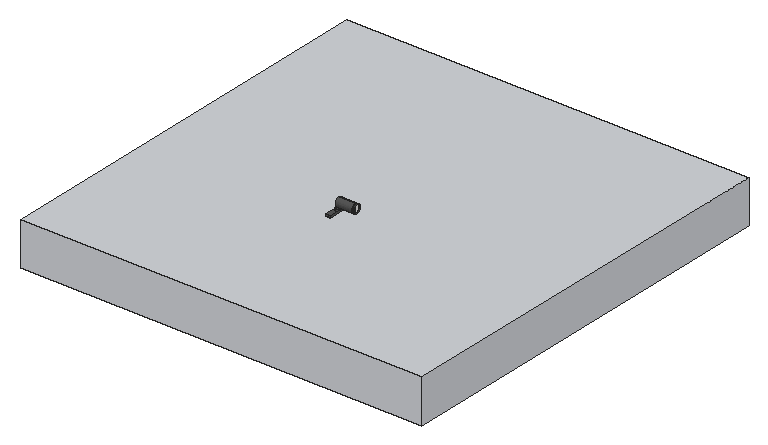
Revit family "Thorn TONIC XS", category Lighting Fixtures, host Face, Revit 2018
Family settings
  Host = Face
  Round Connector Dimension = Use Diameter
  Part Type = Normal
  OmniClass Number = 23.80.70.11
  OmniClass Title = Luminaries for Internal Lighting
  Cut with Voids When Loaded = No
  Light Source = No
  Shared = No
  Room Calculation Point = No
Parameters (values of type "TONIC XS 1700 940  3GU FL BK")
  Wattage Comments = ""
  Voltage = 230 V
  URL = "www.thornlighting.com//96638005"
  Type Comments = "© Thorn. We reserve the right to make technical changes without prior notice."  # constant formula
  Reflector = ZG_SI_Opaque
  Model = "96638005"
  Rotation [instance] = 0.00°
  Angle Value [instance] = -Angle  # 0.00°
  Angle [instance] = 0.00°
  Manufacturer = "Thorn Lighting"  # constant formula
  Length = 125 mm  # constant formula
  Lamp = "LED"
  Height = 55 mm  # constant formula
  Description = "LED spot luminaires"  # constant formula
  Default Elevation = 0 mm
  Body = ZG_Metal_Black
  Assembly Code = "D5020200"
  Apparent Load = 14.3 VA
Reference planes
  plane 1 "Center (Front/Back)": y = 0
  plane 2 "Top": z = 0
  plane 3 "Center (Left/Right)": x = 399.5
  plane 4: y = 84
  plane 5: x = 383.5
  plane 6: x = 415.5
  plane 7: y = -84
  plane 8: z = 12.5
  plane 9: z = 17.5
  plane 10: z = 91
Forms (mm)
  Extrusion 1, solid
    sketch origin (116.179, 575, 0) x (1, 0, 0) y (0, 1, 0)
      loop
        line (-1016.679, 1125) -> (-1016.679, -1737.29) -> (1803.321, -1737.29) -> (1803.321, 1125) -> (-1016.679, 1125)
    from 0 to -304.8
  Extrusion 2, solid, material "ZG_Metal_Black" <- "Body"
    sketch origin (0, 0, 0) x (1, 0, 0) y (0, 1, 0)
      loop
        line (383.5, -84) -> (415.5, -84) -> (415.5, 84) -> (383.5, 84) -> (383.5, -84)
    from 0 to 12.5
  Extrusion 3, solid, material "ZG_Metal_Black" <- "Body"
    sketch origin (0, 0, 0) x (1, 0, 0) y (0, 1, 0)
      loop
        line (392, -84) -> (407, -84) -> (407, 84) -> (392, 84) -> (392, -84)
    from 0 to -31
  Revolve 4, solid, material "ZG_Metal_Black" <- "Body"
    sketch origin (399.5, 0, 0) x (1, 0, 0) y (0, 0, 1)
      loop
        line (17, 12.5) -> (17, 17.5) -> (0, 17.5) -> (0, 12.5) -> (17, 12.5)
      axis (0, 12.5) -> (0, 17.5)
    angle from 0 to 360
  Extrusion 5, solid, material "ZG_Metal_Black" <- "Body"
    sketch origin (0, 0, 0) x (1, 0, 0) y (0, 1, 0)
      loop
        circle (399.5, 0) r 6
    from 17.5 to 47.5
Lines and regions (mm)
  reference lines
    curve 1: line (399.5, 0, 0) -> (604.5, 0, 0)
Dimensions and locks
  plane 10 to Extrusion 3 = 122 mm
  "Rotation": angle plane 1 "Center (Front/Back)" to curve 1
  aligned and locked: Extrusion 1 to plane 2 "Top"
  aligned and locked: Extrusion 1 to level
  aligned and locked: plane 1 "Center (Front/Back)" to curve 1
  aligned and locked: plane 3 "Center (Left/Right)" to curve 1
Automatic sketch dimensions
  Extrusion 1 sketch curve to Extrusion 1 sketch curve = 2820 mm
  Extrusion 1 sketch curve to Extrusion 1 sketch curve = 2862.29 mm
  Extrusion 2 sketch curve to plane 4 = 0 mm
  Extrusion 2 sketch curve to plane 5 = 0 mm
  Extrusion 2 sketch curve to plane 6 = 0 mm
  plane 5 to Extrusion 3 sketch curve = 8.5 mm
  Extrusion 3 sketch curve to plane 6 = 8.5 mm
  Extrusion 3 sketch curve to plane 1 "Center (Front/Back)" = 84 mm
  plane 1 "Center (Front/Back)" to Extrusion 3 sketch curve = 84 mm
  plane 7 to Extrusion 2 sketch curve = 0 mm
  Revolve 4 sketch curve to curve 1 = 0 mm  (x2)
  Revolve 4 sketch curve to curve 1 = 12.5 mm
  curve 1 to Revolve 4 sketch curve = 17.5 mm
  curve 1 to Revolve 4 sketch curve = 32 mm
  curve 1 to Revolve 4 sketch curve = 57 mm
  Revolve 4 sketch curve to Revolve 4 sketch curve = 17 mm
  plane 1 "Center (Front/Back)" to Extrusion 5 sketch curve = 0 mm
  Extrusion 5 sketch curve to plane 3 "Center (Left/Right)" = 0 mm
  radius of Extrusion 5 sketch curve = 6 mm
Nested families
  nested 1: "Thorn TONIC XS Body" at (605.5, -155, 49.5) x (1, 0, 0) z (0, 0, -1), Angle <- "Angle Value", type "TONIC XS 1700 940  3GU FL BK"
    with Angle 0.00°
Connectors
  electrical at (399.5, 0, -31), driven by "Apparent Load", driven by "Voltage"
    settings: on Extrusion 3, index 1, voltage 230 V, apparent load 0 VA, apparent load phase1 14.3 VA, apparent load phase2 0 VA, apparent load phase3 0 VA, power factor 1, load classification "Lighting", number of poles 1, system type 30, power factor state 1, is connector primary yes, connector utility no, sub classification motor no, connector description "Power"
Definition of nested family "Thorn TONIC XS Body"
  Parameters (values of type "TONIC XS 1700 940  3GU FL BK")
    Wattage = 10.7646 W
    built-in parameter 1150110 = 1 (stored number, unit not read)
    Voltage = 230 V
    URL = ""
    Type Comments = ""
    built-in parameter 1114217 = 1 (stored number, unit not read)
    Tilt Angle = 0.00°
    built-in parameter 1150109 = 1 (stored number, unit not read)
    built-in parameter 1150134 = 12
    built-in parameter 1150113 = 1 (stored number, unit not read)
    Photometric Web File = "96638005 TONIC XS.IES"
    Model = ""
    Manufacturer = ""
    built-in parameter 1150105 = 5807.6 (stored number, unit not read)
    Lumens = 1599 lm
    built-in parameter 1150115 = 1 (stored number, unit not read)
    built-in parameter 1150137 = (empty or 0)
    built-in parameter 1150139 = (empty or 0)
    built-in parameter 1150112 = 1 (stored number, unit not read)
    built-in parameter 1150114 = 1 (stored number, unit not read)
    Lamp = "LED"
    built-in parameter 1150132 = 2
    built-in parameter 1150102 = (empty or 0)
    built-in parameter 1150107 = 4000 (stored number, unit not read)
    built-in parameter 1150138 = (empty or 0)
    built-in parameter 1150106 = 58.076 (stored number, unit not read)
    built-in parameter 1150104 = 13.8 (stored number, unit not read)
    Dimming Lamp Color Temperature Shift = (empty or 0)
    Description = ""
    Default Elevation = 0 mm
    Cover = none
    Color Filter = 16777215
    Body = none
    built-in parameter 1114218 = 1 (stored number, unit not read)
    built-in parameter 1150133 = 10 (stored number, unit not read)
    Assembly Code = "D5020210"
    Apparent Load = 14.3 VA
    Angle [instance] = 0.00°
  Reference planes
    plane 1: z = 0
    plane 2 "Center (Front/Back)": y = -155
    plane 3 "Center (Left/Right)": x = -200
  Forms (mm)
    Revolve 1, solid, material <- "Body"
      sketch origin (-200, -155, 7.5) x (1, 0, 0) y (0, 0, 1)
        loop
          line (0, -19.5) -> (115, -19.5) -> (115, 8) -> (125, 8) -> (125, 10) -> (0, 10) -> (0, -19.5)
        axis (0, -19.5) -> (125, -19.5)
      angle from 0 to 360
  Lines and regions (mm)
    reference lines
      curve 1: line (-200, -155, 0) -> (1040, -155, 0)
      curve 2: line (-85, -155, -12) -> (-85, -155, 50)
      curve 3: line (-200, -155, -12) -> (-85, -155, -12)
  Dimensions and locks
    "Angle": angle plane 1 to curve 1
    aligned and locked: plane 3 "Center (Left/Right)" to curve 1
    aligned and locked: plane 1 to curve 1
    aligned and locked: imposter light to curve 2  (x2)
  Automatic sketch dimensions
    curve 1 to Revolve 1 sketch curve = 12 mm  (x2)
    Revolve 1 sketch curve to curve 1 = 0 mm  (x2)
    curve 1 to Revolve 1 sketch curve = 17.5 mm
    curve 1 to Revolve 1 sketch curve = 115 mm
    Revolve 1 sketch curve to Revolve 1 sketch curve = 10 mm
    Revolve 1 sketch curve to Revolve 1 sketch curve = 2 mm
    Revolve 1 sketch curve to Revolve 1 sketch curve = 65 mm
    curve 1 to curve 3 = 0 mm
    curve 1 to curve 2 = 12 mm
    curve 2 to curve 1 = 50 mm
    curve 1 to curve 2 = 115 mm
